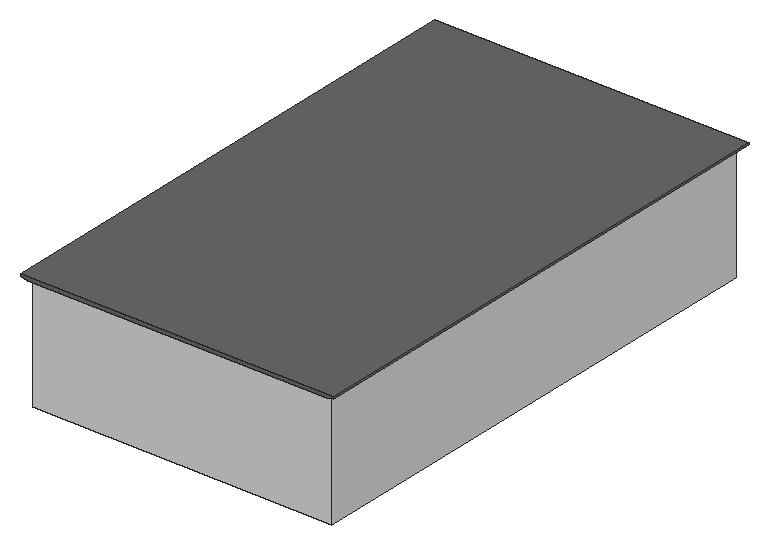
Revit family "Control_Panels-Lutron-QS_Wireless_Smart", category Lighting Devices, host Face, Revit 2017
Family settings
  Host = Face
  Maintain Annotation Orientation = Yes
  Round Connector Dimension = Use Radius
  Part Type = Normal
  OmniClass Number = 23.80.30.11.17
  OmniClass Title = Distribution Boards and Control Panels
  Cut with Voids When Loaded = No
  Shared = No
  Room Calculation Point = No
Parameters (values of type "QSPSY-10PNL")
  Warranty URL = "http://www.lutron.com/en-US/Service-Support/Pages/Service/Warranty/Warranty.aspx"
  Voltage = 0.00 V
  Video Link = "https://www.youtube.com/user/LutronElectronicsInc"
  Version = "2017 - v1.0b"  # constant formula
  Type Comments = ""
  Support Phone = "(224) 699-9545"  # constant formula
  Support Email = "mailto: support@anguleris.com"
  Product Page URL = "http://www.lutron.com/en-US/Products/Pages/ShadingSystems/SivoiaQSWireless/Overview.aspx"
  Product Name = "Sivoia QS Wireless Smart Panel"
  Product Documentation Link = "http://www.lutron.com/TechnicalDocumentLibrary/085355_EN.pdf"
  Performance URL = "http://www.lutron.com/en-US/Service-Support/Pages/Technical/PerfomanceSpecs.aspx"
  Panel Name [instance] = ""
  Output Voltage = 35.00 V
  Voltage Comment = "120 to 240"
  Unit Weight = 15.00 lbf
  URL = "http://www.lutron.com"
  Surface Mounted = yes
  Series = "Sivoia® QS"
  Panel Width = 0' - 10.38"
  Panel Thickness = 0' - 0.059"
  Panel Material = Steel - Lutron - Chrome Plated
  Panel Height = 1' - 5 1/2"
  Panel Depth = 0' - 4.035"
  Overall Width = 0' - 10.88"
  Overall Height = 1' - 6"
  Overall Depth = Cover Depth + Panel Depth  # 0' - 4.16"
  Output Current = 0.143 A
  Mounting [instance] = "Surface Mounted"
  Model = "QSPSY-10PNL"
  Minimum Operating Temperature = 32 °F
  Maximum Operating Temperature = 104 °F
  Manufacturer Phone Number = "610-282-3800"  # constant formula
  Manufacturer Fax Number = "610-282-1243"  # constant formula
  Manufacturer Email = "mailto:support@lutron.com"
  Manufacturer Address = "7200 Suter Rd, Coopersburg, PA 18036"  # constant formula
  Manufacturer = "Lutron Electronics Co., Inc"  # constant formula
  Load Classification = Other
  Keynote = ""
  Instruction Sheet Link = "http://www.lutron.com/TechnicalDocumentLibrary/045538.pdf"
  Frequency = 60 Hz
  Enclosure [instance] = ""
  Cover Material = Steel - Lutron - Black
  Cover Depth = 0' - 0 1/8"
  Description = "Sivoia® QS Wireless Smart Panel"
  Default Elevation = 6' - 6"
  Current = 10 A
  Cost Info = "mailto:sales@lutron.com"
  Cost = 0
  Copyright = "© 2019 Lutron Electronics Co., Inc."  # constant formula
  Assembly Code = "D5020"
Reference planes (in)
  plane 1 "Center (Front/Back)": y = 0
  plane 2: z = 0
  plane 3 "Center (Left/Right)": x = 0
  plane 4: y = 9
  plane 5: y = -9
  plane 6: x = -5.44
  plane 7: x = 5.44
  plane 8: z = 0
  plane 9: z = 4.035
  plane 10: z = 0
  plane 11: x = -5.19
  plane 12: x = 5.19
  plane 13: y = 8.75
  plane 14: y = -8.75
  plane 15: x = -5.131
  plane 16: x = 5.131
  plane 17: y = 8.691
  plane 18: y = -8.691
  plane 19: z = 0
  plane 20: z = 0.059
  plane 21: x = -5.19
  plane 22: x = 5.19
  plane 23: y = 8.75
  plane 24: y = -8.75
  plane 25: z = 4.16
  plane 26: z = 4.035
  plane 27: z = 4.0975
  plane 28: x = -5.19
  plane 29: x = 5.19
  plane 30: x = -5.44
Forms (in)
  Sweep 1, solid, material "Steel - Lutron - Chrome Plated" <- "Panel Material"
    path origin (0, 0, -0.118) x (1, 0, 0) y (0, 0, 1)
      loop
        line (0, 0.118) -> (0, 4.153)
    profile origin (0, 0, 2.0175) x (-1, 0, 0) y (0, -1, 0)
      loop
        line (5.19, -8.75) -> (5.19, 8.75) -> (-5.19, 8.75) -> (-5.19, -8.75) -> (5.19, -8.75)
      loop
        line (5.131, 8.691) -> (-5.131, 8.691) -> (-5.131, -8.691) -> (5.131, -8.691) -> (5.131, 8.691)
  Sweep 2, solid, material "Steel - Lutron - Chrome Plated" <- "Panel Material"
    path origin (0, 0, -0.118) x (1, 0, 0) y (0, 0, 1)
      loop
        line (0, 0.118) -> (0, 0.177)
    profile origin (0, 0, 0.0295) x (-1, 0, 0) y (0, -1, 0)
      loop
        line (5.19, -8.75) -> (5.19, 8.75) -> (-5.19, 8.75) -> (-5.19, -8.75) -> (5.19, -8.75)
  Sweep 3, solid, material "Steel - Lutron - Black" <- "Cover Material"
    path origin (-54.58584, -180, 4.16) x (-1, 0, 0) y (0, -1, 0)
      loop
        line (-54.58584, -171) -> (-54.58584, -189)
    profile origin (0, 0, 4.16) x (-1, 0, 0) y (0, 0, 1)
      loop
        line (5.44, 0) -> (-5.44, 0) -> (-5.44, -0.0625) -> (-5.19, -0.125) -> (5.19, -0.125) -> (5.44, -0.0625) -> (5.44, 0)
Cuts and joins
  joined: Sweep 1, Sweep 2
Lines and regions (in)
  Masking region 1, detail levels fine
    outline origin (0, 0, 0) x (1, 0, 0) y (0, 0, 1)
      loop
        line (-5.44, 4.16) -> (-5.44, 0) -> (5.44, 0) -> (5.44, 4.16) -> (-5.44, 4.16)
  symbolic lines
    curve 1: line (5.44, 9, 4.16) -> (5.44, -9, 4.16)
Dimensions and locks (in)
  equal spacing: plane 5, plane 1 "Center (Front/Back)", plane 4
  "Overall Height": plane 5 to plane 4
  equal spacing: plane 6, plane 3 "Center (Left/Right)", plane 7
  "Overall Width": plane 6 to plane 7
  plane 2 to plane 8 = 0' - 0"
  plane 10 to plane 8 = 0' - 0"
  "Panel Depth": plane 9 to plane 10
  equal spacing: plane 14, plane 1 "Center (Front/Back)", plane 13
  equal spacing: plane 11, plane 3 "Center (Left/Right)", plane 12
  "Panel Width": plane 11 to plane 12
  "Panel Height": plane 13 to plane 14
  equal spacing: plane 15, plane 3 "Center (Left/Right)", plane 16
  "Panel Thickness": plane 11 to plane 15
  equal spacing: plane 18, plane 1 "Center (Front/Back)", plane 17
  "Panel Thickness": plane 13 to plane 17
  plane 19 to plane 8 = 0' - 0"
  "Panel Thickness": plane 20 to plane 19
  equal spacing: plane 24, plane 1 "Center (Front/Back)", plane 23
  "Panel Height": plane 24 to plane 23
  equal spacing: plane 21, plane 3 "Center (Left/Right)", plane 22
  "Panel Width": plane 21 to plane 22
  "Overall Depth": plane 25 to plane 8
  "Cover Depth": plane 25 to plane 26
  equal spacing: plane 29, plane 3 "Center (Left/Right)", plane 28
  "Panel Width": plane 29 to plane 28
  equal spacing: plane 25, plane 27, plane 26
  locked: plane 6 to plane 30
  aligned and locked: plane 2 to host face
  aligned and locked: level to host face
  aligned and locked: plane 9 to Sweep 1 sketch curve
  aligned and locked: plane 10 to Sweep 1 sketch curve
  aligned and locked: plane 3 "Center (Left/Right)" to Sweep 1 sketch curve
  aligned and locked: plane 17 to Sweep 1 sketch curve
  aligned and locked: Sweep 1 sketch curve to plane 16
  aligned and locked: plane 12 to Sweep 1 sketch curve
  aligned and locked: Sweep 1 sketch curve to plane 13
  aligned and locked: plane 18 to Sweep 1 sketch curve
  aligned and locked: Sweep 1 sketch curve to plane 15
  aligned and locked: Sweep 1 sketch curve to plane 14
  aligned and locked: plane 11 to Sweep 1 sketch curve
  aligned and locked: plane 20 to Sweep 2 sketch curve
  aligned and locked: plane 19 to Sweep 2 sketch curve
  aligned and locked: plane 3 "Center (Left/Right)" to Sweep 2 sketch curve
  aligned and locked: Sweep 2 sketch curve to plane 23
  aligned and locked: plane 21 to Sweep 2 sketch curve
  aligned and locked: plane 22 to Sweep 2 sketch curve
  aligned and locked: Sweep 2 sketch curve to plane 24
  aligned and locked: plane 4 to Sweep 3 sketch curve
  aligned and locked: plane 5 to Sweep 3 sketch curve
  aligned and locked: plane 3 "Center (Left/Right)" to Sweep 3 sketch curve
  aligned and locked: plane 27 to Sweep 3 sketch curve  (x2)
  aligned and locked: plane 26 to Sweep 3 sketch curve
  aligned and locked: plane 7 to Sweep 3 sketch curve  (x2)
  aligned and locked: plane 6 to Sweep 3 sketch curve
  aligned and locked: Sweep 3 sketch curve to plane 25
  aligned and locked: plane 29 to Sweep 3 sketch curve
  aligned and locked: plane 28 to Sweep 3 sketch curve
  aligned and locked: Sweep 3 sketch curve to plane 26
  aligned and locked: plane 8 to cut or joined group of Sweep 1, Sweep 2
  aligned and locked: plane 1 "Center (Front/Back)" to nested 1
  aligned and locked: plane 3 "Center (Left/Right)" to nested 1
  aligned and locked: plane 2 to Masking region 1 sketch curve
  aligned and locked: plane 7 to Masking region 1 sketch curve
  aligned and locked: Masking region 1 sketch curve to plane 25
  aligned and locked: plane 30 to Masking region 1 sketch curve
Automatic sketch dimensions
  host sketch curve to host sketch curve = 8' - 0"  (x2)
  curve 1 to plane 7 = 0' - 0"
  curve 1 to plane 4 = 0' - 0"
  plane 5 to curve 1 = 0' - 0"
Nested families (in)
  nested 1: "Lutron_Lighting_Power_Module_2_Line_Annotation" at (0, 0, 0), type "QSPS-10PNL", detail levels coarse+medium
Connectors (in)
  electrical at (0, 0, 4.035), driven by "Load Classification", driven by "Voltage"
    settings: on Sweep 3, index 1, voltage 0.00 V, apparent load 0 VA, apparent load phase1 0 VA, apparent load phase2 0 VA, apparent load phase3 0 VA, power factor 1, load classification "Other", number of poles 1, system type 30, power factor state 1, is connector primary yes, connector utility no, sub classification motor no, connector description "Power Connection"
  cabletrayconduit at (-5.19, 0, 2.0175), diameter 24
    settings: on cut or joined group of Sweep 1, Sweep 2, index 3, connector width 1' - 0", connector height 1' - 0", connector angle 0.00°, system type 32, placement type 1, profile type 0, connector reference index -1, is primary connector yes, connector utility param no, connector description "Left Surface Terminal Connection"
  cabletrayconduit at (0, -8.75, 2.0175), diameter 24
    settings: on cut or joined group of Sweep 1, Sweep 2, index 4, connector width 1' - 0", connector height 1' - 0", connector angle 0.00°, system type 32, placement type 1, profile type 0, connector reference index -1, is primary connector no, connector utility param no, connector description "Bottom Surface Terminal Connection"
Definition of nested family "Lutron_Lighting_Power_Module_2_Line_Annotation"
  Parameters (values of type "QSPS-10PNL")
    Secondary Label = "10PNL"
    Primary Label = "QSPS"
  Reference planes (in)
    plane 1: y = 0
    plane 2: x = 0
  Lines and regions (in)
    detail lines, not visible
      curve 1: line (0, 0.12891, 0) -> (0, 0, 0)
    reference lines
      curve 2: line (0, 0.0625, 0) -> (-0.11983, 0.0625, 0)
      curve 3: line (0.10095, -0.04722, 0) -> (0.10095, 0.09386, 0)
      curve 4: line (0.10095, -0.04722, 0) -> (0.28349, -0.04722, 0)
      curve 5: line (0.10095, 0.04579, 0) -> (0.31014, 0.04579, 0)
    detail lines
      curve 6: line (-0.19803, 0.42347, 0) -> (0.19803, 0.42347, 0)
      curve 7: line (-0.19803, 0.12891, 0) -> (-0.19803, 0.42347, 0)
      curve 8: line (0.19803, 0.12891, 0) -> (-0.19803, 0.12891, 0)
      curve 9: line (0.19803, 0.42347, 0) -> (0.19803, 0.12891, 0)
      curve 10: line (0, 0.12891, 0) -> (0, 0, 0)
      curve 11: line (-0.08143, 0, 0) -> (0.08143, 0, 0)
  Text (in)
    label "2DAL" at (0.00317, 0.35376, 0), shows "Primary Label"
    label "SL" at (0.00317, 0.22789, 0), shows "Secondary Label"
  Dimensions and locks (in)
    locked: curve 4 to curve 5 at 0.09301
    locked: curve 1 to curve 3 at 0.10095
    curve 1 to curve 1 = 0' - 0 33/256"
    locked: plane 1 to curve 2 at 0.0625
    equal spacing: curve 11, plane 2, curve 11
    locked: curve 11 to curve 11 at 0.16287
    locked: curve 11 to curve 8 at 0.12891
    equal spacing: curve 7, plane 2, curve 9
    aligned and locked: curve 1 to curve 2
    aligned and locked: plane 1 to curve 1
    aligned and locked: curve 1 to plane 2
    aligned and locked: plane 2 to curve 1
    aligned and locked: curve 10 to plane 2
